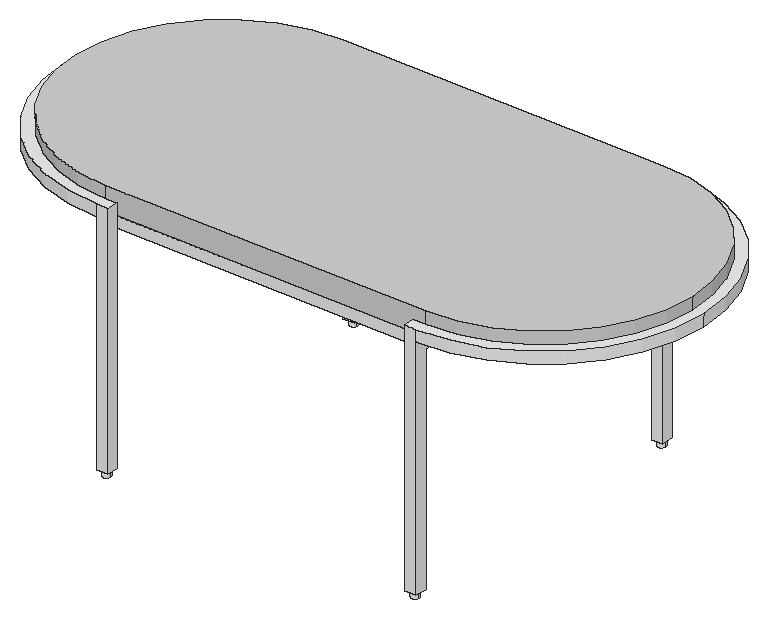
Revit family
Parameters (values of type "42W x 21D x 16H")
  Width = 3' - 6"
  URL = "http://elanbydecca.com/"
  Top [instance] = Furniture - DECCA (Elan) - Ethos - Top
  D2-3/4 = Depth / 2 - 0' 0 3/4"  # 0' - 9 3/4"
  D2 = Depth / 2  # 0' - 10 1/2"
  Base [instance] = Furniture - DECCA (Elan) - Ethos - Base
  Product URL = "http://elanbydecca.com/PDFs/elan_tearsheet-vertex.pdf"
  Model = "FT CT700"
  Manufacturer = "Decca Contract"
  Height = 1' - 4"
  Description = "Ethos, Coffee Table"
  Depth = 1' - 9"
  Assembly Description = "Furniture & Accessories"
  Assembly Code = "E2020200"
Types (3): name | Width | D2-3/4 | D2 | Model | Depth
  (no name) | 3' - 6" | 0' - 9 3/4" | 0' - 10 1/2" | "FT CT700" | 1' - 9"
  48W x 24W x 16H | 4' - 0" | 0' - 11 1/4" | 1' - 0" | "FT CT701" | 2' - 0"
  42W x 21D x 16H | 3' - 6" | 0' - 9 3/4" | 0' - 10 1/2" | "FT CT700" | 1' - 9"
Reference planes (in)
  plane 1 "Center Front/Back": y = -0.7524
  plane 2: z = 0
  plane 3 "Center Left/Right": x = 0
  plane 4 "L": x = -21
  plane 5 "R": x = 21
  plane 6 "F": y = -11.2524
  plane 7: y = 9.7476
  plane 8: through (-6.25338, 2.33237, 23.38953) normal (0.4297, -0.4297, 0.7941)
  plane 9 "ST": z = 16
  plane 10: z = 0.375
  plane 11: x = -20.25
  plane 12: x = 20.25
  plane 13: z = 15.25
  plane 14: z = 14.5
  plane 15: y = 8.9976
  plane 16: y = -10.5024
  plane 17: x = -0.375
  plane 18: x = 0.375
  plane 19: y = 2.7476
  plane 20: y = -4.2524
  plane 21: x = 6.75
  plane 22: z = 16.75
  plane 23: x = -10.5
  plane 24: x = -9.75
  plane 25: x = 10.5
  plane 26: x = 9.75
  plane 27: y = -9.7524
  plane 28: y = 8.2476
Forms (in)
  Extrusion 1, solid, material "Furniture - DECCA (Elan) - Ethos - Base" <- "Base"
    sketch origin (0, 0, 16) x (-1, 0, 0) y (0, -1, 0)
      loop
        arc (10.5, -9.7476) -> (17.92462, -6.67222) -> (21, 0.7524) r 10.5
        arc (21, 0.7524) -> (17.92462, 8.17702) -> (10.5, 11.2524) r 10.5
        line (10.5, 11.2524) -> (9.75, 11.2524) -> (9.75, 10.5024) -> (10.5, 10.5024)
        arc (10.5, 10.5024) -> (20.25, 0.7524) -> (10.5, -8.9976) r 9.75
        line (10.5, -8.9976) -> (9.75, -8.9976) -> (9.75, -9.7476) -> (10.5, -9.7476)
      loop
        line (-10.5, -9.7476) -> (-9.75, -9.7476) -> (-9.75, -8.9976) -> (-10.5, -8.9976)
        arc (-10.5, -8.9976) -> (-20.25, 0.7524) -> (-10.5, 10.5024) r 9.75
        line (-10.5, 10.5024) -> (-9.75, 10.5024) -> (-9.75, 11.2524) -> (-10.5, 11.2524)
        arc (-10.5, 11.2524) -> (-17.92462, 8.17702) -> (-21, 0.7524) r 10.5
        arc (-21, 0.7524) -> (-17.92462, -6.67222) -> (-10.5, -9.7476) r 10.5
    from -0.75 to 0
  Extrusion 2, solid, material "Furniture - DECCA (Elan) - Ethos - Base" <- "Base"
    sketch origin (0, 0, 16) x (-1, 0, 0) y (0, -1, 0)
      loop
        line (9.75, 10.5024) -> (10.5, 10.5024) -> (10.5, 11.2524) -> (9.75, 11.2524) -> (9.75, 10.5024)
      loop
        line (10.5, -9.7476) -> (10.5, -8.9976) -> (9.75, -8.9976) -> (9.75, -9.7476) -> (10.5, -9.7476)
      loop
        line (-9.75, -8.9976) -> (-10.5, -8.9976) -> (-10.5, -9.7476) -> (-9.75, -9.7476) -> (-9.75, -8.9976)
      loop
        line (-9.75, 10.5024) -> (-9.75, 11.2524) -> (-10.5, 11.2524) -> (-10.5, 10.5024) -> (-9.75, 10.5024)
    from -15.625 to -0.75
  Extrusion 3, solid, material "Furniture - DECCA (Elan) - Ethos - Base" <- "Base"
    sketch origin (0, 0, 16) x (-1, 0, 0) y (0, -1, 0)
      loop
        line (10.5, -8.9976) -> (10.5, 10.5024) -> (-10.5, 10.5024) -> (-10.5, -8.9976) -> (10.5, -8.9976)
      loop
        line (9.75, -8.2476) -> (9.75, 9.7524) -> (-9.75, 9.7524) -> (-9.75, -8.2476) -> (9.75, -8.2476)
    from -1.5 to -0.75
  Extrusion 4, solid, material "Furniture - DECCA (Elan) - Ethos - Top" <- "Top"
    sketch origin (0, 0, 16) x (-1, 0, 0) y (0, -1, 0)
      loop
        arc (10.5, -8.9976) -> (17.39429, -6.14189) -> (20.25, 0.7524) r 9.75
        arc (20.25, 0.7524) -> (17.39429, 7.64669) -> (10.5, 10.5024) r 9.75
        line (10.5, 10.5024) -> (-10.5, 10.5024)
        arc (-10.5, 10.5024) -> (-17.39429, 7.64669) -> (-20.25, 0.7524) r 9.75
        arc (-20.25, 0.7524) -> (-17.39429, -6.14189) -> (-10.5, -8.9976) r 9.75
        line (-10.5, -8.9976) -> (10.5, -8.9976)
    from -0.75 to 0.75
  Extrusion 5, solid, material "Furniture - DECCA (Elan) - Ethos - Base" <- "Base"
    sketch origin (0, 0, 16) x (-1, 0, 0) y (0, -1, 0)
      loop
        circle (10.125, -9.3726) r 0.25
      loop
        circle (10.125, 10.8774) r 0.25
      loop
        circle (-10.125, -9.3726) r 0.25
      loop
        circle (-10.125, 10.8774) r 0.25
    from -16 to -15.625
Cuts and joins
  joined: Extrusion 1, Extrusion 2, Extrusion 3, Extrusion 5
Dimensions and locks (in)
  equal spacing: plane 4 "L", plane 3 "Center Left/Right", plane 5 "R"
  equal spacing: plane 7, plane 1 "Center Front/Back", plane 6 "F"
  "Width": plane 4 "L" to plane 5 "R"
  "Depth": plane 7 to plane 6 "F"
  "Height": plane 9 "ST" to level
  locked: plane 4 "L" to plane 11 at 0.75
  locked: plane 12 to plane 5 "R" at 0.75
  locked: plane 7 to plane 15 at 0.75
  locked: plane 16 to plane 6 "F" at 0.75
  plane 17 to plane 3 "Center Left/Right" to plane 18 = 0' - 0 3/8" locked, 0' - 0 3/8" locked
  equal spacing: plane 7, plane 19, plane 20, plane 6 "F"
  plane 22 to plane 9 "ST" to plane 13 to plane 14 = 0' - 0 3/4" locked, 0' - 0 3/4" locked, 0' - 0 3/4" locked
  locked: plane 23 to plane 24 at 0.75
  locked: plane 25 to plane 26 at 0.75
  "D2": plane 25 to plane 5 "R"
  "D2": plane 4 "L" to plane 23
  locked: plane 16 to plane 27 at 0.75
  locked: plane 15 to plane 28 at 0.75
  "D2": radius of Extrusion 1 sketch curve  (x4)
  "D2-3/4": radius of Extrusion 1 sketch curve  (x2)
  "D2-3/4": radius of Extrusion 4 sketch curve  (x4)
  aligned and locked: Extrusion 1 sketch curve to plane 7  (x2)
  aligned and locked: Extrusion 1 sketch curve to plane 6 "F"  (x2)
  aligned and locked: Extrusion 1 sketch curve to plane 24  (x2)
  aligned and locked: plane 26 to Extrusion 1 sketch curve  (x2)
  aligned and locked: plane 16 to Extrusion 1 sketch curve  (x2)
  aligned and locked: Extrusion 1 sketch curve to plane 15
  aligned and locked: Extrusion 2 sketch curve to plane 24  (x2)
  aligned and locked: Extrusion 2 sketch curve to plane 23  (x2)
  aligned and locked: Extrusion 2 sketch curve to plane 7  (x2)
  aligned and locked: Extrusion 2 sketch curve to plane 15  (x2)
  aligned and locked: plane 16 to Extrusion 2 sketch curve  (x2)
  aligned and locked: Extrusion 2 sketch curve to plane 6 "F"  (x2)
  aligned and locked: plane 26 to Extrusion 2 sketch curve  (x2)
  aligned and locked: plane 25 to Extrusion 2 sketch curve  (x2)
  aligned and locked: Extrusion 2 to plane 10
  aligned and locked: plane 13 to Extrusion 2
  aligned and locked: Extrusion 1 to plane 13
  aligned and locked: plane 9 "ST" to Extrusion 1
  aligned and locked: Extrusion 3 sketch curve to plane 15
  aligned and locked: Extrusion 3 sketch curve to plane 23
  aligned and locked: plane 25 to Extrusion 3 sketch curve
  aligned and locked: Extrusion 3 sketch curve to plane 28
  aligned and locked: plane 16 to Extrusion 3 sketch curve
  aligned and locked: plane 27 to Extrusion 3 sketch curve
  aligned and locked: Extrusion 3 sketch curve to plane 24
  aligned and locked: plane 26 to Extrusion 3 sketch curve
  aligned and locked: Extrusion 3 to plane 14
  aligned and locked: plane 13 to Extrusion 3
  aligned and locked: Extrusion 4 sketch curve to plane 15
  aligned and locked: plane 16 to Extrusion 4 sketch curve
  aligned and locked: Extrusion 4 to plane 13
  aligned and locked: plane 22 to Extrusion 4
  aligned and locked: Extrusion 5 to level
  aligned and locked: plane 10 to Extrusion 5
Automatic sketch dimensions
  Extrusion 1 sketch curve to plane 5 "R" = 0' - 0"
  Extrusion 1 sketch curve to plane 23 = 0' - 0"
  Extrusion 1 sketch curve to Extrusion 1 sketch curve = 0' - 0"  (x2)
  Extrusion 4 sketch curve to Extrusion 4 sketch curve = 0' - 0"  (x2)
  Extrusion 4 sketch curve to plane 12 = 0' - 0"
  Extrusion 4 sketch curve to plane 23 = 0' - 0"
  plane 25 to Extrusion 5 sketch curve = 0' - 0 3/8"  (x2)
  plane 23 to Extrusion 5 sketch curve = 0' - 0 3/8"  (x2)
  Extrusion 5 sketch curve to plane 7 = 0' - 0 3/8"  (x2)
  plane 6 "F" to Extrusion 5 sketch curve = 0' - 0 3/8"  (x2)
  radius of Extrusion 5 sketch curve = 0' - 0 1/4"  (x4)
